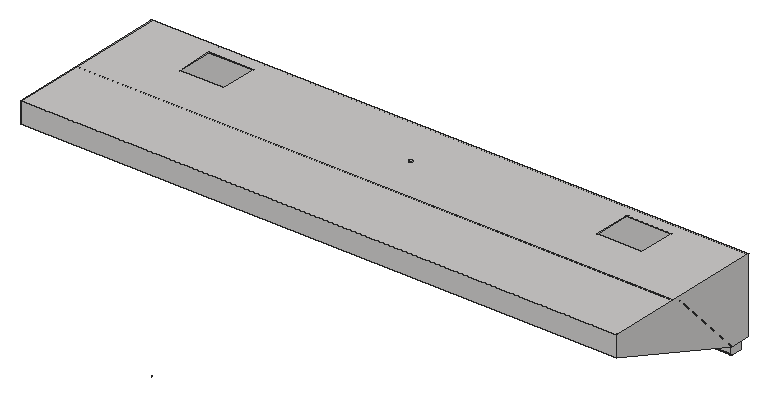
Revit family "QF_ELECTROLUXPROFESSIONAL_644198_AMPV1140BT", category Specialty Equipment, Revit 2014
Reference planes
  plane 1 "Center (Front/Back)": y = 0
  plane 2: z = 0
  plane 3 "Center (Left/Right)": x = 150
  plane 4 "LEFT": x = -1850
  plane 5 "RIGHT": x = 2150
  plane 6 "BACK": y = 550
  plane 7 "FRONT": y = -550
  plane 8 "Plane": z = 2000
  plane 9 "TOP": z = 2140
  plane 10 "Base": z = 1640
  plane 11: z = 1566
  plane 12 "DrainY": y = 485
  plane 13: x = -1847
  plane 14: through (0, 414.509, 1640.8) normal (0, 0.7314, 0.682)
  plane 15: y = 470
  plane 16: y = 220
  plane 17 "DrainX": x = 2030
  plane 18: x = -1100
  plane 19: x = 1400
  plane 20: x = -1400
  plane 21: x = 1700
  plane 22: x = 2147
  plane 23: x = 1940
  plane 24: x = 2120
  plane 25: x = -1810
  plane 26: x = -1445
  plane 27: x = -1050
  plane 28: x = 2110
  plane 29: x = 1745
  plane 30: x = 1350
  plane 31: x = -47.5
  plane 32: x = 347.5
Forms (mm)
  Extrusion 1, solid, material "QF_Finishes_Stainless Steel"
    sketch origin (-1850, 0, 0) x (0, 1, 0) y (0, 0, 1)
      loop
        line (550, 1640) -> (550, 2140) -> (-550, 2140) -> (-550, 1999.112) -> (413.973, 1640) -> (550, 1640)
    from 0 to 3
  Extrusion 2, solid, material "QF_Finishes_Stainless Steel"
    sketch origin (150, 0, 0) x (0, 1, 0) y (0, 0, 1)
      loop
        line (415.255, 1640) -> (550, 1640) -> (550, 2139.19) -> (549.2, 2139.19) -> (549.2, 1640.8) -> (415.876, 1640.8) -> (339.347, 1722.867) -> (349.609, 1732.436) -> (348.927, 1733.167) -> (337.934, 1722.917) -> (415.255, 1640)
      loop
        line (-82.203, 2139.19) -> (-82.203, 2118.6) -> (-31.047, 2118.6) -> (34.354, 2048.466) -> (46.028, 2059.352) -> (45.346, 2060.083) -> (34.403, 2049.879) -> (-30.612, 2119.6) -> (-81.203, 2119.6) -> (-81.203, 2139.19) -> (-82.203, 2139.19)
    from -1997 to 1997
  Extrusion 3, solid, material "QF_Finishes_Stainless Steel"
    sketch origin (2150, 0, 0) x (0, 1, 0) y (0, 0, 1)
      loop
        line (550, 1640) -> (550, 2140) -> (-550, 2140) -> (-550, 1999.112) -> (413.973, 1640) -> (550, 1640)
    from 0 to -3
  Extrusion 4, solid, material "QF_Finishes_Stainless Steel"
    sketch origin (150, 0, 0) x (0, 1, 0) y (0, 0, 1)
      loop
        line (-550, 2140) -> (-550, 2000) -> (-549.2, 2000) -> (-549.2, 2139.19) -> (550, 2139.19) -> (550, 2140) -> (-550, 2140)
    from -2000 to 2000
  Extrusion 5, solid, material "QF_Finishes_Stainless Steel"
    sketch origin (150, 0, 0) x (0, 1, 0) y (0, 0, 1)
      loop
        line (534, 1640) -> (436, 1640) -> (436, 1627) -> (443.5, 1627) -> (443.5, 1576)
        arc (443.5, 1576) -> (446.429, 1568.929) -> (453.5, 1566) r 10
        line (453.5, 1566) -> (516.5, 1566)
        arc (516.5, 1566) -> (523.571, 1568.929) -> (526.5, 1576) r 10
        line (526.5, 1576) -> (526.5, 1627) -> (534, 1627) -> (534, 1640)
    from 1790 to 1970
  Extrusion 6, solid, material "QF_Finishes_Stainless Steel"
    sketch origin (0, 0, 1640) x (0, 1, 0) y (-1, 0, 0)
      loop
        circle (485, -2030) r 20
    from -76 to -74
  Extrusion 7, solid, material "QF_Finished_Chrome"
    sketch origin (150, 0, 0) x (0, 1, 0) y (0, 0, 1)
      loop
        line (337.934, 1722.917) -> (341.591, 1726.327) -> (38.011, 2051.876) -> (34.354, 2048.466) -> (337.934, 1722.917)
    from -1595 to -1960
  Extrusion 8, solid, material "QF_Finished_Chrome"
    sketch origin (150, 0, 0) x (0, 1, 0) y (0, 0, 1)
      loop
        line (337.934, 1722.917) -> (341.591, 1726.327) -> (38.011, 2051.876) -> (34.354, 2048.466) -> (337.934, 1722.917)
    from -197.5 to -1200
  Extrusion 9, solid, material "QF_Finishes_Stainless Steel"
    sketch origin (150, 0, 0) x (0, 1, 0) y (0, 0, 1)
      loop
        line (337.934, 1722.917) -> (341.591, 1726.327) -> (38.011, 2051.876) -> (34.354, 2048.466) -> (337.934, 1722.917)
    from 1997 to 1960
  Extrusion 10, solid, material "QF_Finishes_Stainless Steel"
    sketch origin (150, 0, 0) x (0, 1, 0) y (0, 0, 1)
      loop
        line (341.588, 1726.324) -> (38.009, 2051.874) -> (34.354, 2048.466) -> (337.934, 1722.917) -> (341.588, 1726.324)
    from -1595 to -1200
  Extrusion 11, solid, material "QF_Finished_Chrome"
    sketch origin (150, 0, 0) x (0, 1, 0) y (0, 0, 1)
      loop
        line (341.588, 1726.324) -> (38.009, 2051.874) -> (34.354, 2048.466) -> (337.934, 1722.917) -> (341.588, 1726.324)
    from 1595 to 1960
  Extrusion 12, void
    sketch origin (0, 0, 2140) x (0, 1, 0) y (-1, 0, 0)
      loop
        line (470, 1400) -> (220, 1400) -> (220, 1100) -> (470, 1100) -> (470, 1400)
    from 0 to -10
  Extrusion 13, void
    sketch origin (940, 0, 2140) x (0, 1, 0) y (-1, 0, 0)
      loop
        line (470, -460) -> (220, -460) -> (220, -760) -> (470, -760) -> (470, -460)
    from 0 to -10
  Extrusion 14, solid, material "QF_Finishes_Stainless Steel"
    sketch origin (0, 0, 0) x (1, 0, 0) y (0, 1, 0)
      loop
        line (-1850, 550) -> (-1850, 549) -> (-1849, 549) -> (-1849, 550) -> (-1850, 550)
    from 0 to 1
  Extrusion 15, solid, material "QF_Finishes_Stainless Steel"
    sketch origin (150, 0, 0) x (0, 1, 0) y (0, 0, 1)
      loop
        line (337.934, 1722.917) -> (341.591, 1726.327) -> (38.011, 2051.876) -> (34.354, 2048.466) -> (337.934, 1722.917)
    from -1960 to -1997
  Extrusion 16, solid, material "QF_Finishes_Stainless Steel"
    sketch origin (150, 0, 0) x (0, 1, 0) y (0, 0, -1)
      loop
        line (341.588, -1726.324) -> (337.934, -1722.917) -> (34.354, -2048.466) -> (38.009, -2051.874) -> (341.588, -1726.324)
    from -1595 to -1200
  Extrusion 17, solid, material "QF_Finished_Chrome"
    sketch origin (150, 0, 0) x (0, 1, 0) y (0, 0, 1)
      loop
        line (337.934, 1722.917) -> (341.591, 1726.327) -> (38.011, 2051.876) -> (34.354, 2048.466) -> (337.934, 1722.917)
    from 1200 to 197.5
  Extrusion 18, solid, material "QF_Finishes_Stainless Steel"
    sketch origin (150, 0, 0) x (0, 1, 0) y (0, 0, -1)
      loop
        line (341.588, -1726.324) -> (337.934, -1722.917) -> (34.354, -2048.466) -> (38.009, -2051.874) -> (341.588, -1726.324)
    from -197.5 to 197.5
  Extrusion 19, solid, material "QF_Finishes_Stainless Steel"
    sketch origin (0, 0, 2140) x (0, 1, 0) y (-1, 0, 0)
      loop
        circle (220, -150) r 10
    from 0 to 1.6
Cuts and joins
  Extrusion 12, Extrusion 13 cuts Extrusion 4
  joined: Extrusion 2, Extrusion 4
Lines and regions (mm)
  reference lines
    curve 1: line (150, 34.354, 2048.466) -> (150, 34.354, 1888.466)
  symbolic lines, style "SpecialityEquipment", detail levels coarse
    curve 2: line (2150, 550, 2140) -> (-1850, 550, 2140)
    curve 3: line (-1850, 550, 2140) -> (-1850, -550, 2140)
    curve 4: line (2150, -550, 2140) -> (2150, 550, 2140)
    curve 5: line (-1850, -550, 2140) -> (2150, -550, 2140)
    curve 6: line (-1400, 220, 2140) -> (-1100, 220, 2140)
    curve 7: line (-1400, 470, 2140) -> (-1400, 220, 2140)
    curve 8: line (-1100, 470, 2140) -> (-1400, 470, 2140)
    curve 9: line (-1100, 220, 2140) -> (-1100, 470, 2140)
    curve 10: line (1400, 470, 2140) -> (1400, 220, 2140)
    curve 11: line (1400, 220, 2140) -> (1700, 220, 2140)
    curve 12: line (1700, 470, 2140) -> (1400, 470, 2140)
    curve 13: line (1700, 220, 2140) -> (1700, 470, 2140)
    curve 14: line (-1850, -550, 0) -> (2150, 550, 0)
    curve 15: line (2150, -550, 0) -> (-1850, 550, 0)
Dimensions and locks
  plane 4 "LEFT" to plane 5 "RIGHT" = 4000 mm
  equal spacing: plane 4 "LEFT", plane 3 "Center (Left/Right)", plane 5 "RIGHT"
  locked: plane 8 "Plane" to level at 2000
  plane 9 "TOP" to plane 8 "Plane" = 140 mm
  locked: plane 9 "TOP" to plane 10 "Base" at 500
  plane 10 "Base" to plane 11 = 74 mm
  plane 6 "BACK" to plane 12 "DrainY" = 65 mm  (x2)
  plane 4 "LEFT" to plane 13 = 3 mm
  plane 6 "BACK" to plane 15 = 80 mm
  plane 15 to plane 16 = 250 mm  (x2)
  plane 17 "DrainX" to plane 5 "RIGHT" = 120 mm
  locked: plane 18 to plane 19 at 2500
  equal spacing: plane 18, plane 3 "Center (Left/Right)", plane 19
  plane 20 to plane 18 = 300 mm
  plane 19 to plane 21 = 300 mm
  plane 22 to plane 5 "RIGHT" = 3 mm
  locked: plane 23 to plane 17 "DrainX" at 90
  locked: plane 17 "DrainX" to plane 24 at 90
  plane 6 "BACK" to plane 7 "FRONT" = 1100 mm  (x2)
  equal spacing: plane 6 "BACK", plane 1 "Center (Front/Back)", plane 7 "FRONT"
  plane 16 to plane 7 "FRONT" = 770 mm
  plane 15 to plane 6 "BACK" = 80 mm
  locked: plane 4 "LEFT" to plane 25 at 40
  locked: plane 25 to plane 26 at 365
  locked: plane 26 to plane 27 at 395
  locked: plane 28 to plane 29 at 365
  locked: plane 29 to plane 30 at 395
  locked: plane 28 to plane 5 "RIGHT" at 40
  locked: plane 31 to plane 32 at 395
  equal spacing: plane 31, plane 3 "Center (Left/Right)", plane 32
  plane 27 to plane 31 = 1002.5 mm
  plane 32 to plane 30 = 1002.5 mm
  aligned and locked: level to plane 2
  aligned and locked: Extrusion 2 to Extrusion 1
  aligned and locked: Extrusion 2 to Extrusion 3
  aligned and locked: plane 5 "RIGHT" to Extrusion 4
  aligned and locked: Extrusion 4 to plane 4 "LEFT"
  aligned and locked: plane 22 to Extrusion 9
  aligned and locked: plane 20 to Extrusion 12
  aligned and locked: Extrusion 12 to plane 18
  aligned and locked: Extrusion 12 to plane 16
  aligned and locked: Extrusion 12 to plane 15
  aligned and locked: Extrusion 13 to plane 21
  aligned and locked: plane 19 to Extrusion 13
  aligned and locked: Extrusion 2 to Extrusion 4
  aligned and locked: plane 24 to Extrusion 5
  aligned and locked: Extrusion 5 to plane 23
  aligned and locked: Extrusion 9 to plane 28
  aligned and locked: Extrusion 11 to plane 28
  aligned and locked: Extrusion 11 to plane 29
  aligned and locked: Extrusion 8 to plane 27
  aligned and locked: plane 27 to Extrusion 10
  aligned and locked: Extrusion 10 to plane 26
  aligned and locked: plane 26 to Extrusion 7
  aligned and locked: Extrusion 7 to plane 25
  aligned and locked: Extrusion 15 to plane 13
  aligned and locked: plane 25 to Extrusion 15
  aligned and locked: Extrusion 16 to plane 30
  aligned and locked: Extrusion 16 to plane 29
  aligned and locked: Extrusion 3 to plane 22
  aligned and locked: plane 31 to Extrusion 8
  aligned and locked: Extrusion 17 to plane 30
  aligned and locked: Extrusion 17 to plane 32
  aligned and locked: plane 32 to Extrusion 18
  aligned and locked: Extrusion 18 to plane 31
Automatic sketch dimensions
  curve 5 to plane 4 "LEFT" = 0 mm
  curve 5 to plane 7 "FRONT" = 0 mm
  curve 9 to plane 16 = 0 mm
  curve 10 to plane 16 = 0 mm
  plane 15 to curve 8 = 0 mm
  plane 15 to curve 12 = 0 mm
  curve 3 to plane 6 "BACK" = 0 mm
  curve 5 to plane 5 "RIGHT" = 0 mm
  curve 11 to plane 21 = 0 mm
  curve 10 to plane 19 = 0 mm
  curve 6 to plane 18 = 0 mm
  curve 6 to plane 20 = 0 mm
  Extrusion 1 sketch curve to plane 7 "FRONT" = 0 mm
  Extrusion 1 sketch curve to plane 10 "Base" = 0 mm
  Extrusion 1 sketch curve to plane 6 "BACK" = 0 mm
  Extrusion 1 sketch curve to plane 9 "TOP" = 0 mm
  plane 15 to Extrusion 1 sketch curve = 56.027 mm
  Extrusion 1 sketch curve to plane 8 "Plane" = 0.888 mm
  Extrusion 2 sketch curve to plane 14 = 0 mm  (x3)
  Extrusion 2 sketch curve to plane 10 "Base" = 0 mm
  plane 14 to Extrusion 2 sketch curve = 0 mm
  Extrusion 2 sketch curve to plane 6 "BACK" = 0 mm
  Extrusion 2 sketch curve to Extrusion 2 sketch curve = 65.646 mm
  Extrusion 2 sketch curve to Extrusion 2 sketch curve = 0.682 mm  (x2)
  Extrusion 2 sketch curve to Extrusion 2 sketch curve = 10.261 mm
  plane 10 "Base" to Extrusion 2 sketch curve = 82.917 mm
  Extrusion 2 sketch curve to plane 1 "Center (Front/Back)" = 46.028 mm
  Extrusion 2 sketch curve to Extrusion 2 sketch curve = 10.942 mm
  Extrusion 2 sketch curve to Extrusion 2 sketch curve = 0.049 mm
  Extrusion 2 sketch curve to plane 9 "TOP" = 20.4 mm
  Extrusion 2 sketch curve to plane 9 "TOP" = 21.4 mm
  Extrusion 2 sketch curve to plane 9 "TOP" = 0.81 mm  (x2)
  Extrusion 2 sketch curve to Extrusion 2 sketch curve = 50.156 mm
  Extrusion 2 sketch curve to Extrusion 2 sketch curve = 1 mm
  plane 10 "Base" to Extrusion 2 sketch curve = 0.8 mm
  Extrusion 2 sketch curve to plane 6 "BACK" = 0.8 mm
  Extrusion 3 sketch curve to plane 7 "FRONT" = 0 mm
  Extrusion 3 sketch curve to plane 10 "Base" = 0 mm
  Extrusion 3 sketch curve to plane 6 "BACK" = 0 mm
  Extrusion 3 sketch curve to plane 9 "TOP" = 0 mm
  plane 15 to Extrusion 3 sketch curve = 56.027 mm
  Extrusion 3 sketch curve to plane 8 "Plane" = 0.888 mm
  Extrusion 4 sketch curve to plane 7 "FRONT" = 0 mm
  Extrusion 4 sketch curve to plane 8 "Plane" = 0 mm
  Extrusion 4 sketch curve to plane 6 "BACK" = 0 mm
  Extrusion 4 sketch curve to plane 9 "TOP" = 0 mm
  plane 7 "FRONT" to Extrusion 4 sketch curve = 0.8 mm
  Extrusion 4 sketch curve to plane 9 "TOP" = 0.81 mm
  curve 1 to plane 14 = 0 mm
  curve 1 to plane 1 "Center (Front/Back)" = 34.354 mm
  curve 1 to plane 8 "Plane" = 111.534 mm
  Extrusion 5 sketch curve to plane 10 "Base" = 0 mm
  Extrusion 5 sketch curve to plane 11 = 0 mm
  Extrusion 5 sketch curve to plane 10 "Base" = 13 mm  (x2)
  plane 15 to Extrusion 5 sketch curve = 34 mm
  Extrusion 5 sketch curve to Extrusion 5 sketch curve = 7.5 mm  (x2)
  Extrusion 5 sketch curve to Extrusion 5 sketch curve = 10 mm
  plane 12 "DrainY" to Extrusion 5 sketch curve = 31.5 mm
  Extrusion 5 sketch curve to plane 6 "BACK" = 23.5 mm
  Extrusion 6 sketch curve to plane 12 "DrainY" = 0 mm
  Extrusion 6 sketch curve to plane 17 "DrainX" = 0 mm
  Extrusion 7 sketch curve to plane 14 = 0 mm  (x2)
  Extrusion 7 sketch curve to plane 1 "Center (Front/Back)" = 34.354 mm
  Extrusion 7 sketch curve to Extrusion 7 sketch curve = 3.657 mm
  plane 10 "Base" to Extrusion 7 sketch curve = 82.917 mm
  Extrusion 8 sketch curve to plane 14 = 0 mm  (x2)
  Extrusion 8 sketch curve to plane 1 "Center (Front/Back)" = 34.354 mm
  Extrusion 8 sketch curve to Extrusion 8 sketch curve = 3.657 mm
  plane 10 "Base" to Extrusion 8 sketch curve = 82.917 mm
  Extrusion 9 sketch curve to plane 14 = 0 mm  (x2)
  Extrusion 9 sketch curve to plane 1 "Center (Front/Back)" = 34.354 mm
  Extrusion 9 sketch curve to Extrusion 9 sketch curve = 3.657 mm
  plane 10 "Base" to Extrusion 9 sketch curve = 82.917 mm
  Extrusion 10 sketch curve to plane 14 = 0 mm  (x2)
  Extrusion 10 sketch curve to plane 1 "Center (Front/Back)" = 34.354 mm
  Extrusion 10 sketch curve to Extrusion 10 sketch curve = 3.655 mm
  plane 10 "Base" to Extrusion 10 sketch curve = 82.917 mm
  Extrusion 11 sketch curve to plane 14 = 0 mm  (x2)
  Extrusion 11 sketch curve to plane 1 "Center (Front/Back)" = 34.354 mm
  Extrusion 11 sketch curve to Extrusion 11 sketch curve = 3.655 mm
  plane 10 "Base" to Extrusion 11 sketch curve = 82.917 mm
  Extrusion 12 sketch curve to plane 16 = 0 mm
  plane 15 to Extrusion 12 sketch curve = 0 mm
  Extrusion 12 sketch curve to plane 18 = 0 mm
  Extrusion 12 sketch curve to plane 20 = 0 mm
  Extrusion 13 sketch curve to plane 16 = 0 mm
  plane 15 to Extrusion 13 sketch curve = 0 mm
  Extrusion 13 sketch curve to plane 21 = 0 mm
  Extrusion 13 sketch curve to plane 19 = 0 mm
  Extrusion 14 sketch curve to plane 4 "LEFT" = 0 mm
  Extrusion 14 sketch curve to plane 6 "BACK" = 0 mm
  plane 4 "LEFT" to Extrusion 14 sketch curve = 1 mm
  Extrusion 14 sketch curve to Extrusion 14 sketch curve = 1 mm
  Extrusion 15 sketch curve to plane 14 = 0 mm  (x2)
  Extrusion 15 sketch curve to plane 1 "Center (Front/Back)" = 34.354 mm
  Extrusion 15 sketch curve to Extrusion 15 sketch curve = 3.657 mm
  plane 10 "Base" to Extrusion 15 sketch curve = 82.917 mm
  Extrusion 16 sketch curve to plane 14 = 0 mm  (x2)
  Extrusion 16 sketch curve to plane 1 "Center (Front/Back)" = 34.354 mm
  Extrusion 16 sketch curve to Extrusion 16 sketch curve = 3.655 mm
  plane 10 "Base" to Extrusion 16 sketch curve = 82.917 mm
  Extrusion 17 sketch curve to plane 14 = 0 mm  (x2)
  Extrusion 17 sketch curve to plane 1 "Center (Front/Back)" = 34.354 mm
  Extrusion 17 sketch curve to Extrusion 17 sketch curve = 3.657 mm
  plane 10 "Base" to Extrusion 17 sketch curve = 82.917 mm
  Extrusion 18 sketch curve to plane 14 = 0 mm  (x2)
  Extrusion 18 sketch curve to plane 1 "Center (Front/Back)" = 34.354 mm
  Extrusion 18 sketch curve to Extrusion 18 sketch curve = 3.655 mm
  plane 10 "Base" to Extrusion 18 sketch curve = 82.917 mm
  curve 15 to plane 4 "LEFT" = 0 mm
  curve 14 to plane 4 "LEFT" = 0 mm
  curve 15 to plane 5 "RIGHT" = 0 mm
  curve 14 to plane 5 "RIGHT" = 0 mm
  curve 15 to plane 7 "FRONT" = 0 mm
  curve 14 to plane 7 "FRONT" = 0 mm
  curve 15 to plane 6 "BACK" = 0 mm
  curve 14 to plane 6 "BACK" = 0 mm
  Extrusion 19 sketch curve to plane 3 "Center (Left/Right)" = 0 mm
  Extrusion 19 sketch curve to plane 16 = 0 mm
  radius of Extrusion 6 sketch curve = 20 mm
  radius of Extrusion 19 sketch curve = 10 mm
Connectors
  piping at (2030, 485, 1564), diameter 20
    settings: on Extrusion 6, index 1, connector inside diameter 609.6 mm, connector length 0 mm, flow factor 0, pipe flow 0.0 L/s, pressure drop 0.0 Pa, fitting loss kfactor 0, connector angle 0.00°, fixture units 0, engagement length 0 mm, angle of deflection 0.00°, flow configuration 1, flow direction 2, fitting loss method 0, system type 16, joint type 0, gender type 0, connector reference index -1, connector utility 0, adjustable connector no, is connector primary yes, connector description "Drain"
  hvac at (-1250, 345, 2140)
    settings: on Extrusion 12, index 2, duct flow 0.0 L/s, flow factor 0, pres drop 0.0 Pa, loss coef 0, conn angle 0.00°, conn width 250 mm, conn height 300 mm, conn diameter 609.6 mm, duct sys type 3, conn prof type 1, flow config 1, flow direction 2, loss method 0, conn ref index -1, conn util no, is conn primary yes, conn desc "EXHAUST OUTLET"
  hvac at (1550, 345, 2140)
    settings: on Extrusion 13, index 3, duct flow 0.0 L/s, flow factor 0, pres drop 0.0 Pa, loss coef 0, conn angle 0.00°, conn width 250 mm, conn height 300 mm, conn diameter 609.6 mm, duct sys type 3, conn prof type 1, flow config 1, flow direction 2, loss method 0, conn ref index -1, conn util no, is conn primary no, conn desc "EXHAUST OUTLET"
  electrical at (150, 220, 2140)
    settings: on Extrusion 19, index 4, voltage 0 V, apparent load 0 VA, apparent load phase1 0 VA, apparent load phase2 0 VA, apparent load phase3 0 VA, power factor 1, load classification "Other", number of poles 1, system type 30, power factor state 1, is connector primary yes, connector utility no, sub classification motor no, connector description "Electrical Connection"
